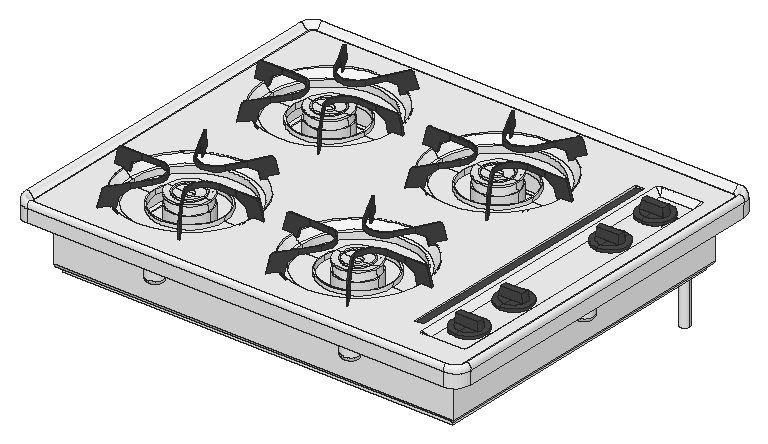
Revit family "QF_Summit_WNL03P_Cooktop", category Specialty Equipment, Revit 2020
Family settings
  Round Connector Dimension = Use Diameter
  Part Type = Normal
  Work Plane-Based = No
  Always vertical = Yes
  Cut with Voids When Loaded = No
  Shared = No
  Room Calculation Point = No
Parameters
  Weight in Pounds = 27
  URL Cutsheet = ""
  Specification by User = ""
  Specification by Manufacturer = ""
  Serial Number = ""
  Seismic Rating = ""
  SMACNA No = ""
  Revision Code = ""
  Plumbing Remarks = ""
  Plumbing Connection Type = ""
  NAFEM Spec ID Number = ""
  Model = "WNL03P"
  Masterspec = ""
  Manufacturer = "Summit"
  Length = 24"
  Item Number = ""
  Installed By = ""
  Identify Quantity as Lot = yes
  Height = 3 3/4"
  Gas Size = 0"
  Gas RI Height = 0"
  Gas KW = 0
  Gas Input = 9000.0 Btu/h
  Gas Connection Height = 0"
  Furnished By = ""
  Foodservice Equipment Identifier = yes
  Description = "Cooktop"
  Depth = 20"
  Default Elevation = 0"
  CSI MasterFormat = ""
Reference planes (in)
  plane 1 "BACK": y = 0
  plane 2: z = 0
  plane 3 "LEFT": x = 0
  plane 4 "RIGHT": x = 24
  plane 5 "FRONT": y = -20
  plane 6 "TOP": z = 3.75
  plane 7 "Center Y": x = 12
  plane 8 "Center X": y = -10
  plane 9: z = 2.75
  plane 10: z = 0.25
  plane 11: z = -2.75
Forms (in)
  Sweep 1, solid, material "QF_Plastic_White_Smooth"
    path origin (0, 0, 3.74988) x (-1, 0, 0) y (0, -1, 0)
      loop
        line (-0.0625, 0.8125) -> (-0.0625, 19.1875)
        arc (-0.0625, 19.1875) -> (-0.28217, 19.71783) -> (-0.8125, 19.9375) r 0.75
        line (-0.8125, 19.9375) -> (-23.1875, 19.9375)
        arc (-23.1875, 19.9375) -> (-23.71783, 19.71783) -> (-23.9375, 19.1875) r 0.75
        line (-23.9375, 19.1875) -> (-23.9375, 0.8125)
        arc (-23.9375, 0.8125) -> (-23.71783, 0.28217) -> (-23.1875, 0.0625) r 0.75
        line (-23.1875, 0.0625) -> (-0.8125, 0.0625)
        arc (-0.8125, 0.0625) -> (-0.28217, 0.28217) -> (-0.0625, 0.8125) r 0.75
    profile origin (0.0625, -10, 3.74988) x (1, 0, 0) y (0, 0, 1)
      loop
        line (0.50007, -0.99988) -> (0.50007, -0.24988)
        spline (0.50007, -0.24988) -> (0.38683, -0.22526) -> (0.30986, -0.16677) -> (0.25459, -0.09746) -> (0.20654, -0.0403) -> (0.15715, -0.00897) -> (0.1083, -0.00102) -> (0.06291, -0.01235) -> (0.02367, -0.03905) -> (-0.00886, -0.07917) -> (-0.03532, -0.13183) -> (-0.05489, -0.20201) -> (-0.06266, -0.31115)
        line (-0.06266, -0.31115) -> (-0.06266, -0.99988) -> (0.50007, -0.99988)
  Extrusion 2, solid, material "QF_Plastic_White_Smooth"
    sketch origin (23.1875, -0.5625, 3.24988) x (0, 1, 0) y (1, 0, 0)
      loop
        circle (-4.74127, -17.90956) r 3.49904
      loop
        line (-18.875, 0) -> (-18.875, -22.375)
        arc (-18.875, -22.375) -> (-18.80178, -22.55178) -> (-18.625, -22.625) r 0.25
        line (-18.625, -22.625) -> (-0.25, -22.625)
        arc (-0.25, -22.625) -> (-0.07322, -22.55178) -> (0, -22.375) r 0.25
        line (0, -22.375) -> (0, 0)
        arc (0, 0) -> (-0.07322, 0.17678) -> (-0.25, 0.25) r 0.25
        line (-0.25, 0.25) -> (-18.625, 0.25)
        arc (-18.625, 0.25) -> (-18.80178, 0.17678) -> (-18.875, 0) r 0.25
      loop
        circle (-4.74127, -8.85096) r 3.49904
      loop
        circle (-14.13373, -17.90956) r 3.49904
      loop
        circle (-14.13373, -8.85096) r 3.49904
    from 0.49988 to -0.25012
  Blend 3, void
    base sketch origin (23.18874, -0.56796, 3.54988) x (0, 1, 0) y (-1, 0, 0)
      loop
        arc (-1.25, 2.75) -> (-1.32322, 2.92678) -> (-1.5, 3) r 0.25
        line (-1.5, 3) -> (-17.375, 3)
        arc (-17.375, 3) -> (-17.55178, 2.92678) -> (-17.625, 2.75) r 0.25
        line (-17.625, 2.75) -> (-17.625, 0.5)
        arc (-17.625, 0.5) -> (-17.55178, 0.32322) -> (-17.375, 0.25) r 0.25
        line (-17.375, 0.25) -> (-1.5, 0.25)
        arc (-1.5, 0.25) -> (-1.32322, 0.32322) -> (-1.25, 0.5) r 0.25
        line (-1.25, 0.5) -> (-1.25, 2.75)
    top sketch origin (23.18874, -0.56796, 3.54988) x (0, 1, 0) y (-1, 0, 0)
      loop
        line (-1.71875, 2.53125) -> (-17.15625, 2.53125) -> (-17.15625, 0.71875) -> (-1.71875, 0.71875) -> (-1.71875, 2.53125)
    from 0.0625 to -0.31152
  Extrusion 4, void
    sketch origin (23.18874, -0.56796, 3.54988) x (0, 1, 0) y (-1, 0, 0)
      loop
        arc (-2, 3.5625) -> (-2.01831, 3.60669) -> (-2.0625, 3.625) r 0.0625
        line (-2.0625, 3.625) -> (-16.8125, 3.625)
        arc (-16.8125, 3.625) -> (-16.85669, 3.60669) -> (-16.875, 3.5625) r 0.0625
        line (-16.875, 3.5625) -> (-16.875, 3.1875)
        arc (-16.875, 3.1875) -> (-16.85669, 3.14331) -> (-16.8125, 3.125) r 0.0625
        line (-16.8125, 3.125) -> (-2.0625, 3.125)
        arc (-2.0625, 3.125) -> (-2.01831, 3.14331) -> (-2, 3.1875) r 0.0625
        line (-2, 3.1875) -> (-2, 3.5625)
    from 0.0625 to -0.125
  Revolve 5, solid, material "QF_Plastic_Black_Smooth"
    sketch origin (21.56528, -3, 0.23835) x (0, 1, 0) y (0, 0, 1)
      loop
        line (-0.75736, 3) -> (-0.50736, 3) -> (-0.50736, 3.07947) -> (0.15671, 3.07947) -> (0.15671, 3.2014)
        arc (0.15671, 3.2014) -> (0.03405, 3.23774) -> (-0.09329, 3.25) r 0.66737
        line (-0.09329, 3.25) -> (-0.75736, 3.25) -> (-0.75736, 3)
      axis (-0.75736, 3.25) -> (-0.75736, 3)
    angle from 0 to 360
  Blend 6, solid, material "QF_Plastic_Black_Smooth"
    base sketch origin (0, -3, 3.98835) x (-1, 0, 0) y (0, -1, 0)
      loop
        arc (-20.9318, 0.55812) -> (-20.90121, 0.75736) -> (-20.9318, 0.95659) r 0.66406
        line (-20.9318, 0.95659) -> (-22.19875, 0.95659)
        arc (-22.19875, 0.95659) -> (-22.22934, 0.75736) -> (-22.19875, 0.55812) r 0.66406
        line (-22.19875, 0.55812) -> (-20.9318, 0.55812)
    top sketch origin (0, -3, 3.98835) x (-1, 0, 0) y (0, -1, 0)
      loop
        arc (-20.98589, 0.57514) -> (-20.95791, 0.75736) -> (-20.98589, 0.93958) r 0.60736
        line (-20.98589, 0.93958) -> (-22.14466, 0.93958)
        arc (-22.14466, 0.93958) -> (-22.17264, 0.75736) -> (-22.14466, 0.57514) r 0.60736
        line (-22.14466, 0.57514) -> (-20.98589, 0.57514)
    from -0.5 to -0.05271
  Revolve 7, solid, material "QF_Plastic_Black_Smooth", not visible
    sketch origin (21.56528, -3, 0) x (0, 1, 0) y (0, 0, 1)
      loop
        line (-0.75736, 3) -> (-0.50736, 3) -> (-0.50736, 3.07947) -> (0.15671, 3.07947) -> (0.15671, 3.2014)
        arc (0.15671, 3.2014) -> (0.03405, 3.23774) -> (-0.09329, 3.25) r 0.66737
        line (-0.09329, 3.25) -> (-0.75736, 3.25) -> (-0.75736, 3)
      axis (-0.75736, 3.25) -> (-0.75736, 3)
    angle from 0 to 360
  Blend 8, solid, material "QF_Plastic_Black_Smooth", not visible
    base sketch origin (0, -3, 3.75) x (-1, 0, 0) y (0, -1, 0)
      loop
        arc (-20.9318, 0.55812) -> (-20.90121, 0.75736) -> (-20.9318, 0.95659) r 0.66406
        line (-20.9318, 0.95659) -> (-22.19875, 0.95659)
        arc (-22.19875, 0.95659) -> (-22.22934, 0.75736) -> (-22.19875, 0.55812) r 0.66406
        line (-22.19875, 0.55812) -> (-20.9318, 0.55812)
    top sketch origin (0, -3, 3.75) x (-1, 0, 0) y (0, -1, 0)
      loop
        arc (-20.98589, 0.57514) -> (-20.95791, 0.75736) -> (-20.98589, 0.93958) r 0.60736
        line (-20.98589, 0.93958) -> (-22.14466, 0.93958)
        arc (-22.14466, 0.93958) -> (-22.17264, 0.75736) -> (-22.14466, 0.57514) r 0.60736
        line (-22.14466, 0.57514) -> (-20.98589, 0.57514)
    from -0.5 to -0.05271
  Revolve 9, solid, material "QF_Plastic_Black_Smooth"
    sketch origin (21.56309, -3.00158, 0.23835) x (0, 1, 0) y (0, 0, 1)
      loop
        line (-3.75736, 3) -> (-3.50736, 3) -> (-3.50736, 3.07947) -> (-2.84329, 3.07947) -> (-2.84329, 3.2014)
        arc (-2.84329, 3.2014) -> (-2.96595, 3.23774) -> (-3.09329, 3.25) r 0.66737
        line (-3.09329, 3.25) -> (-3.75736, 3.25) -> (-3.75736, 3)
      axis (-3.75736, 3.25) -> (-3.75736, 3)
    angle from 0 to 360
  Blend 10, solid, material "QF_Plastic_Black_Smooth"
    base sketch origin (-0.00218, -3.00158, 3.98835) x (-1, 0, 0) y (0, -1, 0)
      loop
        arc (-20.9318, 3.55812) -> (-20.90121, 3.75736) -> (-20.9318, 3.95659) r 0.66406
        line (-20.9318, 3.95659) -> (-22.19875, 3.95659)
        arc (-22.19875, 3.95659) -> (-22.22934, 3.75736) -> (-22.19875, 3.55812) r 0.66406
        line (-22.19875, 3.55812) -> (-20.9318, 3.55812)
    top sketch origin (-0.00218, -3.00158, 3.98835) x (-1, 0, 0) y (0, -1, 0)
      loop
        arc (-20.98589, 3.57514) -> (-20.95791, 3.75736) -> (-20.98589, 3.93958) r 0.60736
        line (-20.98589, 3.93958) -> (-22.14466, 3.93958)
        arc (-22.14466, 3.93958) -> (-22.17264, 3.75736) -> (-22.14466, 3.57514) r 0.60736
        line (-22.14466, 3.57514) -> (-20.98589, 3.57514)
    from -0.5 to -0.05271
  Revolve 11, solid, material "QF_Plastic_Black_Smooth"
    sketch origin (21.56309, -6.00158, 0.23835) x (0, 1, 0) y (0, 0, 1)
      loop
        line (-10.24264, 3) -> (-10.24264, 3.25) -> (-10.90671, 3.25)
        arc (-10.90671, 3.25) -> (-11.03405, 3.23774) -> (-11.15671, 3.2014) r 0.66737
        line (-11.15671, 3.2014) -> (-11.15671, 3.07947) -> (-10.49264, 3.07947) -> (-10.49264, 3) -> (-10.24264, 3)
      axis (-10.24264, 3.25) -> (-10.24264, 3)
    angle from 0 to 360
  Blend 12, solid, material "QF_Plastic_Black_Smooth"
    base sketch origin (-0.00218, -6.00158, 3.98835) x (-1, 0, 0) y (0, -1, 0)
      loop
        line (-20.9318, 10.44188) -> (-22.19875, 10.44188)
        arc (-22.19875, 10.44188) -> (-22.22934, 10.24264) -> (-22.19875, 10.04341) r 0.66406
        line (-22.19875, 10.04341) -> (-20.9318, 10.04341)
        arc (-20.9318, 10.04341) -> (-20.90121, 10.24264) -> (-20.9318, 10.44188) r 0.66406
    top sketch origin (-0.00218, -6.00158, 3.98835) x (-1, 0, 0) y (0, -1, 0)
      loop
        line (-20.98589, 10.42486) -> (-22.14466, 10.42486)
        arc (-22.14466, 10.42486) -> (-22.17264, 10.24264) -> (-22.14466, 10.06042) r 0.60736
        line (-22.14466, 10.06042) -> (-20.98589, 10.06042)
        arc (-20.98589, 10.06042) -> (-20.95791, 10.24264) -> (-20.98589, 10.42486) r 0.60736
    from -0.5 to -0.05271
  Revolve 13, solid, material "QF_Plastic_Black_Smooth"
    sketch origin (21.56309, -3.00158, 0.23835) x (0, 1, 0) y (0, 0, 1)
      loop
        line (-10.24264, 3) -> (-10.24264, 3.25) -> (-10.90671, 3.25)
        arc (-10.90671, 3.25) -> (-11.03405, 3.23774) -> (-11.15671, 3.2014) r 0.66737
        line (-11.15671, 3.2014) -> (-11.15671, 3.07947) -> (-10.49264, 3.07947) -> (-10.49264, 3) -> (-10.24264, 3)
      axis (-10.24264, 3.25) -> (-10.24264, 3)
    angle from 0 to 360
  Blend 14, solid, material "QF_Plastic_Black_Smooth"
    base sketch origin (-0.00218, -3.00158, 3.98835) x (-1, 0, 0) y (0, -1, 0)
      loop
        line (-20.9318, 10.44188) -> (-22.19875, 10.44188)
        arc (-22.19875, 10.44188) -> (-22.22934, 10.24264) -> (-22.19875, 10.04341) r 0.66406
        line (-22.19875, 10.04341) -> (-20.9318, 10.04341)
        arc (-20.9318, 10.04341) -> (-20.90121, 10.24264) -> (-20.9318, 10.44188) r 0.66406
    top sketch origin (-0.00218, -3.00158, 3.98835) x (-1, 0, 0) y (0, -1, 0)
      loop
        line (-20.98589, 10.42486) -> (-22.14466, 10.42486)
        arc (-22.14466, 10.42486) -> (-22.17264, 10.24264) -> (-22.14466, 10.06042) r 0.60736
        line (-22.14466, 10.06042) -> (-20.98589, 10.06042)
        arc (-20.98589, 10.06042) -> (-20.95791, 10.24264) -> (-20.98589, 10.42486) r 0.60736
    from -0.5 to -0.05271
  Revolve 15, solid, material "QF_Plastic_Black_Smooth", not visible
    sketch origin (21.56528, -20.00316, 0) x (0, 1, 0) y (0, 0, 1)
      loop
        line (16.2458, 3) -> (16.4958, 3) -> (16.4958, 3.07947) -> (17.15986, 3.07947) -> (17.15986, 3.2014)
        arc (17.15986, 3.2014) -> (17.0372, 3.23774) -> (16.90986, 3.25) r 0.66737
        line (16.90986, 3.25) -> (16.2458, 3.25) -> (16.2458, 3)
      axis (16.2458, 3.25) -> (16.2458, 3)
    angle from 0 to 360
  Blend 16, solid, material "QF_Plastic_Black_Smooth", not visible
    base sketch origin (0, -20.00316, 3.75) x (-1, 0, 0) y (0, -1, 0)
      loop
        arc (-20.9318, -16.44503) -> (-20.90121, -16.2458) -> (-20.9318, -16.04657) r 0.66406
        line (-20.9318, -16.04657) -> (-22.19875, -16.04657)
        arc (-22.19875, -16.04657) -> (-22.22934, -16.2458) -> (-22.19875, -16.44503) r 0.66406
        line (-22.19875, -16.44503) -> (-20.9318, -16.44503)
    top sketch origin (0, -20.00316, 3.75) x (-1, 0, 0) y (0, -1, 0)
      loop
        arc (-20.98589, -16.42802) -> (-20.95791, -16.2458) -> (-20.98589, -16.06358) r 0.60736
        line (-20.98589, -16.06358) -> (-22.14466, -16.06358)
        arc (-22.14466, -16.06358) -> (-22.17264, -16.2458) -> (-22.14466, -16.42802) r 0.60736
        line (-22.14466, -16.42802) -> (-20.98589, -16.42802)
    from -0.5 to -0.05271
  Extrusion 17, solid, material "QF_Plastic_White_Smooth"
    sketch origin (9.68847, 8.08075, 0) x (-1, 0, 0) y (0, 1, 0)
      loop
        circle (-12, -10) r 0.25
    from -0.25 to 2.75
  Sweep 18, solid, material "QF_Plastic_White_Smooth"
    path origin (0, 0, 0) x (1, 0, 0) y (0, 1, 0)
      loop
        line (22.75, -1.25) -> (1.25, -1.25) -> (1.25, -18.75) -> (22.75, -18.75) -> (22.75, -1.25)
    profile origin (22.75, -10, 0) x (1, 0, 0) y (0, 0, 1)
      loop
        line (-0.25, 0) -> (-0.25, 0.25) -> (-0.13174, 0.25)
        arc (-0.13174, 0.25) -> (-0.03859, 0.28859) -> (0, 0.38174) r 0.13174
        line (0, 0.38174) -> (0, 2.75) -> (-0.125, 2.75) -> (-0.125, 0.375) -> (-0.375, 0.375) -> (-0.375, 0) -> (-0.25, 0)
  Extrusion 19, solid, material "QF_Plastic_White_Smooth"
    sketch origin (22.375, -1.625, 0.375) x (0, -1, 0) y (1, 0, 0)
      loop
        line (0, -20.75) -> (16.75, -20.75) -> (16.75, 0) -> (0, 0) -> (0, -20.75)
    from 0 to -0.125
  Extrusion 20, solid, material "QF_Plastic_White_Smooth"
    sketch origin (22.375, -1.625, 0.25) x (1, 0, 0) y (0, -1, 0)
      loop
        circle (-1.43653, 0.29425) r 0.25
    from 0 to 0.0625
  Revolve 21, solid, material "QF_Plastic_White_Smooth"
    sketch origin (0, -10, 0) x (1, 0, 0) y (0, 0, 1)
      loop
        line (1.25, 2.75) -> (0.75, 2.75) -> (0.75, 1.75)
        arc (0.75, 1.75) -> (0.8255, 1.58445) -> (1, 1.5329) r 0.21926
        line (1, 1.5329) -> (1.25, 1.5329) -> (1.25, 2.75)
      axis (1.25, 1.5329) -> (1.25, 2.75)
    angle from -90 to 90
  Revolve 22, solid, material "QF_Plastic_White_Smooth"
    sketch origin (24, -10, 0) x (-1, 0, 0) y (0, 0, -1)
      loop
        line (1.25, -2.75) -> (1.25, -1.5329) -> (1, -1.5329)
        arc (1, -1.5329) -> (0.8255, -1.58445) -> (0.75, -1.75) r 0.21926
        line (0.75, -1.75) -> (0.75, -2.75) -> (1.25, -2.75)
      axis (1.25, -1.5329) -> (1.25, -2.75)
    angle from -90 to 90
  Revolve 23, solid, material "QF_Plastic_White_Smooth"
    sketch origin (18.44698, -1.25, 0) x (-1, 0, 0) y (0, 0, -1)
      loop
        line (1.25, -2.75) -> (1.25, -1.5329) -> (1, -1.5329)
        arc (1, -1.5329) -> (0.8255, -1.58445) -> (0.75, -1.75) r 0.21926
        line (0.75, -1.75) -> (0.75, -2.75) -> (1.25, -2.75)
      axis (1.25, -1.5329) -> (1.25, -2.75)
    angle from 0 to 180
  Revolve 24, solid, material "QF_Plastic_White_Smooth"
    sketch origin (7.94698, -1.25, 0) x (-1, 0, 0) y (0, 0, -1)
      loop
        line (1.25, -2.75) -> (1.25, -1.5329) -> (1, -1.5329)
        arc (1, -1.5329) -> (0.8255, -1.58445) -> (0.75, -1.75) r 0.21926
        line (0.75, -1.75) -> (0.75, -2.75) -> (1.25, -2.75)
      axis (1.25, -1.5329) -> (1.25, -2.75)
    angle from 0 to 180
  Revolve 25, solid, material "QF_Plastic_White_Smooth"
    sketch origin (18.44698, -18.75, 0) x (-1, 0, 0) y (0, 0, 1)
      loop
        line (1.25, 2.75) -> (0.75, 2.75) -> (0.75, 1.75)
        arc (0.75, 1.75) -> (0.8255, 1.58445) -> (1, 1.5329) r 0.21926
        line (1, 1.5329) -> (1.25, 1.5329) -> (1.25, 2.75)
      axis (1.25, 1.5329) -> (1.25, 2.75)
    angle from 0 to 180
  Revolve 26, solid, material "QF_Plastic_White_Smooth"
    sketch origin (7.94698, -18.75, 0) x (-1, 0, 0) y (0, 0, 1)
      loop
        line (1.25, 2.75) -> (0.75, 2.75) -> (0.75, 1.75)
        arc (0.75, 1.75) -> (0.8255, 1.58445) -> (1, 1.5329) r 0.21926
        line (1, 1.5329) -> (1.25, 1.5329) -> (1.25, 2.75)
      axis (1.25, 1.5329) -> (1.25, 2.75)
    angle from 0 to 180
Cuts and joins
  Blend 3, Extrusion 4 cuts Extrusion 2
Lines and regions (in)
  symbolic lines
    curve 1: arc (21.56528, -2.84329, 3.98835) -> (20.65121, -3.75736, 3.98835) -> (21.56528, -4.67142, 3.98835) r 0.91406
    curve 2: arc (21.56528, -4.67142, 3.98835) -> (22.47934, -3.75736, 3.98835) -> (21.56528, -2.84329, 3.98835) r 0.91406
    curve 3: line (20.9318, -3.55812, 3.98835) -> (22.19875, -3.55812, 3.98835)
    curve 4: line (22.19875, -3.95659, 3.98835) -> (20.9318, -3.95659, 3.98835)
    curve 5: arc (20.9318, -3.55812, 3.98835) -> (20.90121, -3.75736, 3.98835) -> (20.9318, -3.95659, 3.98835) r 0.66406
    curve 6: arc (22.19875, -3.95659, 3.98835) -> (22.22934, -3.75736, 3.98835) -> (22.19875, -3.55812, 3.98835) r 0.66406
    curve 13: arc (21.56309, -5.84487, 3.98835) -> (20.64903, -6.75893, 3.98835) -> (21.56309, -7.673, 3.98835) r 0.91406
    curve 14: arc (21.56309, -7.673, 3.98835) -> (22.47716, -6.75893, 3.98835) -> (21.56309, -5.84487, 3.98835) r 0.91406
    curve 15: line (20.92962, -6.5597, 3.98835) -> (22.19657, -6.5597, 3.98835)
    curve 16: line (22.19657, -6.95817, 3.98835) -> (20.92962, -6.95817, 3.98835)
    curve 17: arc (20.92962, -6.5597, 3.98835) -> (20.89903, -6.75893, 3.98835) -> (20.92962, -6.95817, 3.98835) r 0.66406
    curve 18: arc (22.19657, -6.95817, 3.98835) -> (22.22716, -6.75893, 3.98835) -> (22.19657, -6.5597, 3.98835) r 0.66406
    curve 19: arc (21.56309, -17.15828, 3.98835) -> (20.64903, -16.24422, 3.98835) -> (21.56309, -15.33016, 3.98835) r 0.91406
    curve 20: arc (21.56309, -15.33016, 3.98835) -> (22.47716, -16.24422, 3.98835) -> (21.56309, -17.15828, 3.98835) r 0.91406
    curve 21: line (20.92962, -16.44345, 3.98835) -> (22.19657, -16.44345, 3.98835)
    curve 22: line (22.19657, -16.04499, 3.98835) -> (20.92962, -16.04499, 3.98835)
    curve 23: arc (20.92962, -16.44345, 3.98835) -> (20.89903, -16.24422, 3.98835) -> (20.92962, -16.04499, 3.98835) r 0.66406
    curve 24: arc (22.19657, -16.04499, 3.98835) -> (22.22716, -16.24422, 3.98835) -> (22.19657, -16.44345, 3.98835) r 0.66406
    curve 25: arc (21.56309, -14.15828, 3.98835) -> (20.64903, -13.24422, 3.98835) -> (21.56309, -12.33016, 3.98835) r 0.91406
    curve 26: arc (21.56309, -12.33016, 3.98835) -> (22.47716, -13.24422, 3.98835) -> (21.56309, -14.15828, 3.98835) r 0.91406
    curve 27: line (20.92962, -13.44345, 3.98835) -> (22.19657, -13.44345, 3.98835)
    curve 28: line (22.19657, -13.04499, 3.98835) -> (20.92962, -13.04499, 3.98835)
    curve 29: arc (20.92962, -13.44345, 3.98835) -> (20.89903, -13.24422, 3.98835) -> (20.92962, -13.04499, 3.98835) r 0.66406
    curve 30: arc (22.19657, -13.04499, 3.98835) -> (22.22716, -13.24422, 3.98835) -> (22.19657, -13.44345, 3.98835) r 0.66406
    curve 37: line (0.5625, -0.8125, 0) -> (0.5625, -19.1875, 0)
    curve 38: line (23.1875, -0.5625, 0) -> (0.8125, -0.5625, 0)
    curve 39: arc (0.5625, -0.8125, 0) -> (0.63572, -0.63572, 0) -> (0.8125, -0.5625, 0) r 0.25
    curve 40: arc (23.1875, -0.5625, 0) -> (23.36428, -0.63572, 0) -> (23.4375, -0.8125, 0) r 0.25
    curve 41: line (23.4375, -19.1875, 0) -> (23.4375, -0.8125, 0)
    curve 42: line (22.46999, -2.28671, 0) -> (20.65749, -2.28671, 0)
    curve 43: line (20.65749, -2.28671, 0) -> (20.65749, -17.72421, 0)
    curve 44: line (20.65749, -17.72421, 0) -> (22.46999, -17.72421, 0)
    curve 45: line (22.46999, -17.72421, 0) -> (22.46999, -2.28671, 0)
    curve 46: line (20.50446, -1.9588, 0) -> (22.62302, -1.9588, 0)
    curve 47: arc (22.62302, -1.9588, 0) -> (22.74668, -2.01002, 0) -> (22.7979, -2.13368, 0) r 0.17489
    curve 48: line (22.7979, -2.13368, 0) -> (22.7979, -17.87723, 0)
    curve 49: arc (22.7979, -17.87723, 0) -> (22.74668, -18.0009, 0) -> (22.62302, -18.05212, 0) r 0.17489
    curve 50: line (22.62302, -18.05212, 0) -> (20.50446, -18.05212, 0)
    curve 51: arc (20.50446, -18.05212, 0) -> (20.3808, -18.0009, 0) -> (20.32958, -17.87723, 0) r 0.17489
    curve 52: line (20.32958, -17.87723, 0) -> (20.32958, -2.13368, 0)
    curve 53: arc (20.32958, -2.13368, 0) -> (20.3808, -2.01002, 0) -> (20.50446, -1.9588, 0) r 0.17489
    curve 54: line (19.56374, -17.38046, 0) -> (19.56374, -2.63046, 0)
    curve 55: arc (19.56374, -2.63046, 0) -> (19.58205, -2.58626, 0) -> (19.62624, -2.56796, 0) r 0.0625
    curve 56: line (19.62624, -2.56796, 0) -> (20.00124, -2.56796, 0)
    curve 57: arc (20.00124, -2.56796, 0) -> (20.04543, -2.58626, 0) -> (20.06374, -2.63046, 0) r 0.0625
    curve 58: line (20.06374, -2.63046, 0) -> (20.06374, -17.38046, 0)
    curve 59: arc (20.06374, -17.38046, 0) -> (20.04543, -17.42465, 0) -> (20.00124, -17.44296, 0) r 0.0625
    curve 60: line (20.00124, -17.44296, 0) -> (19.62624, -17.44296, 0)
    curve 61: arc (19.62624, -17.44296, 0) -> (19.58205, -17.42465, 0) -> (19.56374, -17.38046, 0) r 0.0625
    curve 62: line (0.8125, -19.4375, 0) -> (23.1875, -19.4375, 0)
    curve 63: arc (23.4375, -19.1875, 0) -> (23.36428, -19.36428, 0) -> (23.1875, -19.4375, 0) r 0.25
    curve 64: arc (0.8125, -19.4375, 0) -> (0.63572, -19.36428, 0) -> (0.5625, -19.1875, 0) r 0.25
    curve 65: line (-0.00016, -19.1875, 0) -> (-0.00016, -0.8125, 0)
    curve 66: arc (-0.00016, -0.8125, 0) -> (0.23786, -0.23786, 0) -> (0.8125, 0.00016, 0) r 0.81266
    curve 67: line (0.8125, 0.00016, 0) -> (23.1875, 0.00016, 0)
    curve 68: arc (23.1875, 0.00016, 0) -> (23.76214, -0.23786, 0) -> (24.00016, -0.8125, 0) r 0.81266
    curve 69: line (24.00016, -0.8125, 0) -> (24.00016, -19.1875, 0)
    curve 70: arc (24.00016, -19.1875, 0) -> (23.76214, -19.76214, 0) -> (23.1875, -20.00016, 0) r 0.81266
    curve 71: line (23.1875, -20.00016, 0) -> (0.8125, -20.00016, 0)
    curve 72: arc (0.8125, -20.00016, 0) -> (0.23786, -19.76214, 0) -> (-0.00016, -19.1875, 0) r 0.81266
  symbolic lines, not visible
    curve 7: arc (21.56528, -2.84329, 3.75) -> (20.65121, -3.75736, 3.75) -> (21.56528, -4.67142, 3.75) r 0.91406
    curve 8: arc (21.56528, -4.67142, 3.75) -> (22.47934, -3.75736, 3.75) -> (21.56528, -2.84329, 3.75) r 0.91406
    curve 9: line (20.9318, -3.55812, 3.75) -> (22.19875, -3.55812, 3.75)
    curve 10: line (22.19875, -3.95659, 3.75) -> (20.9318, -3.95659, 3.75)
    curve 11: arc (20.9318, -3.55812, 3.75) -> (20.90121, -3.75736, 3.75) -> (20.9318, -3.95659, 3.75) r 0.66406
    curve 12: arc (22.19875, -3.95659, 3.75) -> (22.22934, -3.75736, 3.75) -> (22.19875, -3.55812, 3.75) r 0.66406
    curve 31: arc (21.56528, -2.84329, 3.75) -> (20.65121, -3.75736, 3.75) -> (21.56528, -4.67142, 3.75) r 0.91406
    curve 32: arc (21.56528, -4.67142, 3.75) -> (22.47934, -3.75736, 3.75) -> (21.56528, -2.84329, 3.75) r 0.91406
    curve 33: line (20.9318, -3.55812, 3.75) -> (22.19875, -3.55812, 3.75)
    curve 34: line (22.19875, -3.95659, 3.75) -> (20.9318, -3.95659, 3.75)
    curve 35: arc (20.9318, -3.55812, 3.75) -> (20.90121, -3.75736, 3.75) -> (20.9318, -3.95659, 3.75) r 0.66406
    curve 36: arc (22.19875, -3.95659, 3.75) -> (22.22934, -3.75736, 3.75) -> (22.19875, -3.55812, 3.75) r 0.66406
Dimensions and locks (in)
  equal spacing: plane 3 "LEFT", plane 7 "Center Y", plane 4 "RIGHT"
  "Length": plane 3 "LEFT" to plane 4 "RIGHT"
  equal spacing: plane 5 "FRONT", plane 8 "Center X", plane 1 "BACK"
  "Depth": plane 5 "FRONT" to plane 1 "BACK"
  "Height": plane 6 "TOP" to level
  plane 9 to plane 10 = 2 1/2"
  plane 10 to plane 11 = 3"
  plane 6 "TOP" to plane 9 = 1"
  aligned and locked: level to plane 2
Automatic sketch dimensions
  Blend 6 sketch curve to Blend 6 sketch curve = 0.63347"  (x2)
  Blend 6 sketch curve to Blend 6 sketch curve = 51/256"
  Blend 6 sketch curve to Blend 6 sketch curve = 0"  (x10)
  Blend 6 sketch curve to Blend 6 sketch curve = 0.57938"  (x2)
  Blend 6 sketch curve to Blend 6 sketch curve = 0.18222"
  curve 4 to curve 1 = 0.63347"
  curve 3 to curve 1 = 51/256"
  curve 2 to curve 5 = 183/256"
  curve 3 to curve 4 = 0"
  curve 2 to curve 3 = 0.63347"
  curve 2 to curve 5 = 0"  (x4)
  curve 2 to curve 6 = 0"  (x3)
  curve 5 to curve 6 = 0"  (x3)
  curve 1 to curve 2 = 0"  (x2)
  curve 1 to curve 5 = 0"  (x2)
  curve 1 to curve 6 = 0"  (x2)
  Blend 8 sketch curve to Blend 8 sketch curve = 0.63347"  (x2)
  Blend 8 sketch curve to Blend 8 sketch curve = 51/256"
  Blend 8 sketch curve to Blend 8 sketch curve = 0"  (x10)
  Blend 8 sketch curve to Blend 8 sketch curve = 0.57938"  (x2)
  Blend 8 sketch curve to Blend 8 sketch curve = 0.18222"
  curve 10 to curve 7 = 0.63347"
  curve 9 to curve 7 = 51/256"
  curve 8 to curve 11 = 183/256"
  curve 9 to curve 10 = 0"
  curve 8 to curve 9 = 0.63347"
  curve 8 to curve 11 = 0"  (x4)
  curve 8 to curve 12 = 0"  (x3)
  curve 11 to curve 12 = 0"  (x3)
  curve 7 to curve 8 = 0"  (x2)
  curve 7 to curve 11 = 0"  (x2)
  curve 7 to curve 12 = 0"  (x2)
  Revolve 9 sketch curve to Revolve 9 sketch curve = 1/4"  (x2)
  Revolve 9 sketch curve to Revolve 9 sketch curve = 53/128"
  Revolve 9 sketch curve to Revolve 9 sketch curve = 85/128"
  Revolve 9 sketch curve to Revolve 9 sketch curve = 0"
  Revolve 9 sketch curve to Revolve 9 sketch curve = 0.12193"
  Blend 10 sketch curve to Blend 10 sketch curve = 0.63347"  (x2)
  Blend 10 sketch curve to Blend 10 sketch curve = 51/256"
  Blend 10 sketch curve to Blend 10 sketch curve = 0"  (x10)
  Blend 10 sketch curve to Blend 10 sketch curve = 0.57938"  (x2)
  Blend 10 sketch curve to Blend 10 sketch curve = 0.18222"
  Revolve 9 sketch curve to Revolve 9 sketch curve = 0.41737"
  Revolve 9 sketch curve to Revolve 9 sketch curve = 0.07947"
  Revolve 9 sketch curve to Revolve 9 sketch curve = 0.30818"
  Revolve 11 sketch curve to Revolve 11 sketch curve = 1/4"  (x2)
  Revolve 11 sketch curve to Revolve 11 sketch curve = 53/128"
  Revolve 11 sketch curve to Revolve 11 sketch curve = 85/128"
  Revolve 11 sketch curve to Revolve 11 sketch curve = 0"
  Revolve 11 sketch curve to Revolve 11 sketch curve = 0.12193"
  Blend 12 sketch curve to Blend 12 sketch curve = 0.63347"  (x2)
  Blend 12 sketch curve to Blend 12 sketch curve = 51/256"
  Blend 12 sketch curve to Blend 12 sketch curve = 0"  (x10)
  Blend 12 sketch curve to Blend 12 sketch curve = 0.57938"  (x2)
  Blend 12 sketch curve to Blend 12 sketch curve = 0.18222"
  Revolve 11 sketch curve to Revolve 11 sketch curve = 0.41737"
  Revolve 11 sketch curve to Revolve 11 sketch curve = 0.07947"
  Revolve 11 sketch curve to Revolve 11 sketch curve = 0.30818"
  Revolve 13 sketch curve to Revolve 13 sketch curve = 1/4"  (x2)
  Revolve 13 sketch curve to Revolve 13 sketch curve = 53/128"
  Revolve 13 sketch curve to Revolve 13 sketch curve = 85/128"
  Revolve 13 sketch curve to Revolve 13 sketch curve = 0"
  Revolve 13 sketch curve to Revolve 13 sketch curve = 0.12193"
  Blend 14 sketch curve to Blend 14 sketch curve = 0.63347"  (x2)
  Blend 14 sketch curve to Blend 14 sketch curve = 51/256"
  Blend 14 sketch curve to Blend 14 sketch curve = 0"  (x10)
  Blend 14 sketch curve to Blend 14 sketch curve = 0.57938"  (x2)
  Blend 14 sketch curve to Blend 14 sketch curve = 0.18222"
  Revolve 13 sketch curve to Revolve 13 sketch curve = 0.41737"
  Revolve 13 sketch curve to Revolve 13 sketch curve = 0.07947"
  Revolve 13 sketch curve to Revolve 13 sketch curve = 0.30818"
  curve 16 to curve 13 = 0.63347"
  curve 15 to curve 13 = 51/256"
  curve 14 to curve 17 = 183/256"
  curve 15 to curve 16 = 0"
  curve 14 to curve 15 = 0.63347"
  curve 14 to curve 17 = 0"  (x4)
  curve 14 to curve 18 = 0"  (x3)
  curve 17 to curve 18 = 0"  (x3)
  curve 13 to curve 14 = 0"  (x2)
  curve 13 to curve 17 = 0"  (x2)
  curve 13 to curve 18 = 0"  (x2)
  curve 22 to curve 19 = 0.63347"
  curve 19 to curve 21 = 51/256"
  curve 23 to curve 20 = 183/256"
  curve 21 to curve 22 = 0"
  curve 20 to curve 21 = 0.63347"
  curve 20 to curve 23 = 0"  (x4)
  curve 20 to curve 24 = 0"  (x3)
  curve 23 to curve 24 = 0"  (x3)
  curve 19 to curve 20 = 0"  (x2)
  curve 19 to curve 23 = 0"  (x2)
  curve 19 to curve 24 = 0"  (x2)
  curve 28 to curve 25 = 0.63347"
  curve 25 to curve 27 = 51/256"
  curve 29 to curve 26 = 183/256"
  curve 27 to curve 28 = 0"
  curve 26 to curve 27 = 0.63347"
  curve 26 to curve 29 = 0"  (x4)
  curve 26 to curve 30 = 0"  (x3)
  curve 29 to curve 30 = 0"  (x3)
  curve 25 to curve 26 = 0"  (x2)
  curve 25 to curve 29 = 0"  (x2)
  curve 25 to curve 30 = 0"  (x2)
  Revolve 15 sketch curve to Revolve 15 sketch curve = 1/4"  (x2)
  Revolve 15 sketch curve to Revolve 15 sketch curve = 53/128"
  Revolve 15 sketch curve to Revolve 15 sketch curve = 85/128"
  Revolve 15 sketch curve to Revolve 15 sketch curve = 0"
  Revolve 15 sketch curve to Revolve 15 sketch curve = 0.12193"
  Blend 16 sketch curve to Blend 16 sketch curve = 0.63347"  (x2)
  Blend 16 sketch curve to Blend 16 sketch curve = 51/256"
  Blend 16 sketch curve to Blend 16 sketch curve = 0"  (x10)
  Blend 16 sketch curve to Blend 16 sketch curve = 0.57938"  (x2)
  Blend 16 sketch curve to Blend 16 sketch curve = 0.18222"
  Revolve 15 sketch curve to Revolve 15 sketch curve = 0.41737"
  Revolve 15 sketch curve to Revolve 15 sketch curve = 0.07947"
  Revolve 15 sketch curve to Revolve 15 sketch curve = 0.30818"
  curve 34 to curve 31 = 0.63347"
  curve 33 to curve 31 = 51/256"
  curve 32 to curve 35 = 183/256"
  curve 33 to curve 34 = 0"
  curve 32 to curve 33 = 0.63347"
  curve 32 to curve 35 = 0"  (x4)
  curve 32 to curve 36 = 0"  (x3)
  curve 35 to curve 36 = 0"  (x3)
  curve 31 to curve 32 = 0"  (x2)
  curve 31 to curve 35 = 0"  (x2)
  curve 31 to curve 36 = 0"  (x2)
  Revolve 5 sketch curve to Revolve 5 sketch curve = 1/4"  (x2)
  Revolve 5 sketch curve to Revolve 5 sketch curve = 53/128"
  Revolve 5 sketch curve to Revolve 5 sketch curve = 0.41737"
  Revolve 5 sketch curve to Revolve 5 sketch curve = 0.07947"
  Revolve 5 sketch curve to Revolve 5 sketch curve = 0.12193"
  Revolve 5 sketch curve to Revolve 5 sketch curve = 0"  (x2)
  Revolve 5 sketch curve to Revolve 5 sketch curve = 0.30818"
  Revolve 7 sketch curve to Revolve 7 sketch curve = 1/4"  (x2)
  Revolve 7 sketch curve to Revolve 7 sketch curve = 53/128"
  Revolve 7 sketch curve to Revolve 7 sketch curve = 0.41737"
  Revolve 7 sketch curve to Revolve 7 sketch curve = 0.07947"
  Revolve 7 sketch curve to Revolve 7 sketch curve = 0.12193"
  Revolve 7 sketch curve to Revolve 7 sketch curve = 0"  (x2)
  Revolve 7 sketch curve to Revolve 7 sketch curve = 0.30818"
  plane 4 "RIGHT" to Sweep 1 sketch curve = 1/16"
  Sweep 1 sketch curve to Sweep 1 sketch curve = 3/4"
  Sweep 1 sketch curve to plane 5 "FRONT" = 1/16"
  plane 4 "RIGHT" to Sweep 1 sketch curve = 13/16"
  plane 3 "LEFT" to Sweep 1 sketch curve = 13/16"  (x2)
  plane 3 "LEFT" to Sweep 1 sketch curve = 1/16"
  plane 1 "BACK" to Sweep 1 sketch curve = 13/16"
  profile plane to Sweep 1 sketch curve = 0.06266"
  Sweep 1 sketch curve to profile plane = 0.50007"
  Sweep 1 sketch curve to profile plane = 0.99988"
  Sweep 1 sketch curve to profile plane = 0.31115"
  Sweep 1 sketch curve to profile plane = 0.24988"
  Extrusion 2 sketch curve to plane 5 "FRONT" = 9/16"
  Extrusion 2 sketch curve to Extrusion 2 sketch curve = 1/4"  (x3)
  Extrusion 2 sketch curve to plane 8 "Center X" = 4.69623"  (x2)
  plane 7 "Center Y" to Extrusion 2 sketch curve = 2.33654"  (x2)
  plane 8 "Center X" to Extrusion 2 sketch curve = 4.69623"  (x2)
  plane 1 "BACK" to Extrusion 2 sketch curve = 13/16"  (x2)
  plane 4 "RIGHT" to Extrusion 2 sketch curve = 13/16"
  plane 3 "LEFT" to Extrusion 2 sketch curve = 5.27794"  (x2)
  plane 3 "LEFT" to Extrusion 2 sketch curve = 13/16"
  Blend 3 sketch curve to plane 5 "FRONT" = 1.80704"
  Blend 3 sketch curve to Blend 3 sketch curve = 1/4"  (x3)
  plane 4 "RIGHT" to Blend 3 sketch curve = 1.31126"
  plane 1 "BACK" to Blend 3 sketch curve = 2.06796"  (x2)
  Blend 3 sketch curve to Blend 3 sketch curve = 2 1/4"
  Blend 3 sketch curve to plane 5 "FRONT" = 2.27579"
  plane 1 "BACK" to Blend 3 sketch curve = 2.28671"
  plane 4 "RIGHT" to Blend 3 sketch curve = 1.53001"
  Blend 3 sketch curve to Blend 3 sketch curve = 1 13/16"
  Extrusion 4 sketch curve to plane 5 "FRONT" = 2.55704"
  Extrusion 4 sketch curve to Extrusion 4 sketch curve = 1/16"  (x3)
  plane 1 "BACK" to Extrusion 4 sketch curve = 2.63046"
  Extrusion 4 sketch curve to Extrusion 4 sketch curve = 0"
  plane 4 "RIGHT" to Extrusion 4 sketch curve = 3.93626"
  Extrusion 4 sketch curve to Extrusion 4 sketch curve = 3/8"
  plane 4 "RIGHT" to Extrusion 17 sketch curve = 2.31153"
  plane 1 "BACK" to Extrusion 17 sketch curve = 1.91925"
  plane 3 "LEFT" to Sweep 18 sketch curve = 1 1/4"
  plane 4 "RIGHT" to Sweep 18 sketch curve = 1 1/4"
  Sweep 18 sketch curve to plane 5 "FRONT" = 1 1/4"
  plane 1 "BACK" to Sweep 18 sketch curve = 1 1/4"
  Sweep 18 sketch curve to level = 0"
  profile plane to Sweep 18 sketch curve = 0"
  profile plane to Sweep 18 sketch curve = 1/8"
  Sweep 18 sketch curve to Sweep 18 sketch curve = 0.00674"
  profile plane to Sweep 18 sketch curve = 1/4"
  Sweep 18 sketch curve to Sweep 18 sketch curve = 1/8"  (x2)
  level to Sweep 18 sketch curve = 1/4"
  Sweep 18 sketch curve to Sweep 18 sketch curve = 2.36826"
  Extrusion 19 sketch curve to Sweep 18 = 0"  (x4)
  Extrusion 20 sketch curve to Extrusion 20 sketch curve = 0"  (x2)
  Extrusion 19 to Extrusion 20 sketch curve = 0.29425"
  Extrusion 19 to Extrusion 20 sketch curve = 1.43653"
  Extrusion 20 sketch curve to Extrusion 20 sketch curve = 1/4"
  Revolve 21 sketch curve to plane 9 = 0"  (x2)
  plane 3 "LEFT" to Revolve 21 sketch curve = 3/4"
  Revolve 21 sketch curve to Revolve 21 sketch curve = 0.21926"
  Revolve 21 sketch curve to Revolve 21 sketch curve = 0.03074"
  Revolve 21 sketch curve to Revolve 21 sketch curve = 1/4"
  Revolve 21 sketch curve to plane 9 = 1"
  Revolve 21 sketch curve to Revolve 21 sketch curve = 0"
  plane 9 to Revolve 21 sketch curve = 0.41303"
  Revolve 22 sketch curve to plane 9 = 0"  (x2)
  plane 4 "RIGHT" to Revolve 22 sketch curve = 3/4"
  Revolve 22 sketch curve to Revolve 22 sketch curve = 0.21926"
  Revolve 22 sketch curve to Revolve 22 sketch curve = 0.03074"
  Revolve 22 sketch curve to Revolve 22 sketch curve = 1/4"
  Revolve 22 sketch curve to plane 9 = 1"
  Revolve 22 sketch curve to Revolve 22 sketch curve = 0"
  Revolve 22 sketch curve to Revolve 22 sketch curve = 0.41303"
  Revolve 23 sketch curve to plane 9 = 0"  (x2)
  Revolve 23 sketch curve to plane 9 = 1"
  plane 7 "Center Y" to Revolve 23 sketch curve = 5.69698"
  Revolve 23 sketch curve to Revolve 23 sketch curve = 0.21926"
  Revolve 23 sketch curve to Revolve 23 sketch curve = 0.03074"
  Revolve 23 sketch curve to Revolve 23 sketch curve = 1/4"
  Revolve 23 sketch curve to Revolve 23 sketch curve = 0"
  Revolve 23 sketch curve to Revolve 23 sketch curve = 0.41303"
  Revolve 24 sketch curve to plane 9 = 0"  (x2)
  Revolve 24 sketch curve to plane 9 = 1"
  Revolve 24 sketch curve to plane 7 "Center Y" = 4.80302"
  Revolve 24 sketch curve to Revolve 24 sketch curve = 0.21926"
  Revolve 24 sketch curve to Revolve 24 sketch curve = 0.03074"
  Revolve 24 sketch curve to Revolve 24 sketch curve = 1/4"
  Revolve 24 sketch curve to Revolve 24 sketch curve = 0"
  Revolve 24 sketch curve to Revolve 24 sketch curve = 0.41303"
  Revolve 25 sketch curve to plane 9 = 0"  (x2)
  Revolve 25 sketch curve to plane 9 = 1"
  plane 7 "Center Y" to Revolve 25 sketch curve = 5.69698"
  Revolve 25 sketch curve to Revolve 25 sketch curve = 0.21926"
  Revolve 25 sketch curve to Revolve 25 sketch curve = 0.03074"
  Revolve 25 sketch curve to Revolve 25 sketch curve = 1/4"
  Revolve 25 sketch curve to Revolve 25 sketch curve = 0"
  plane 9 to Revolve 25 sketch curve = 0.41303"
  Revolve 26 sketch curve to plane 9 = 0"  (x2)
  Revolve 26 sketch curve to plane 9 = 1"
  Revolve 26 sketch curve to plane 7 "Center Y" = 4.80302"
  Revolve 26 sketch curve to Revolve 26 sketch curve = 0.21926"
  Revolve 26 sketch curve to Revolve 26 sketch curve = 0.03074"
  Revolve 26 sketch curve to Revolve 26 sketch curve = 1/4"
  Revolve 26 sketch curve to Revolve 26 sketch curve = 0"
  plane 9 to Revolve 26 sketch curve = 0.41303"
  curve 39 to curve 66 = 0"  (x2)
  curve 40 to curve 68 = 0"  (x2)
  curve 63 to curve 70 = 0"  (x2)
  curve 64 to curve 72 = 0"
  curve 65 to plane 3 "LEFT" = 0.00016"
  plane 3 "LEFT" to curve 37 = 9/16"
  curve 37 to curve 38 = 1/4"
  curve 64 to curve 64 = 1/4"
  plane 4 "RIGHT" to curve 54 = 4.43626"
  curve 54 to curve 61 = 1/16"
  curve 54 to curve 56 = 1/16"
  curve 60 to curve 60 = 3/8"
  curve 55 to curve 57 = 3/8"
  curve 59 to curve 58 = 1/16"
  curve 56 to curve 52 = 0.32834"
  curve 51 to curve 51 = 0.17489"
  curve 53 to curve 46 = 0.17489"
  curve 51 to curve 43 = 0.15303"
  plane 4 "RIGHT" to curve 44 = 1.53001"
  curve 42 to curve 47 = 0.15303"  (x2)
  curve 44 to curve 50 = 0.15303"
  curve 47 to curve 48 = 0.17489"
  plane 4 "RIGHT" to curve 40 = 13/16"
  plane 5 "FRONT" to curve 71 = 0.00016"
  plane 4 "RIGHT" to curve 71 = 13/16"
  curve 40 to curve 41 = 1/4"
  curve 50 to plane 5 "FRONT" = 1.94788"
  curve 49 to curve 44 = 0.15303"
  curve 52 to curve 60 = 0.43428"
  plane 1 "BACK" to curve 55 = 2.63046"
  curve 57 to curve 43 = 11/32"
  plane 1 "BACK" to curve 68 = 13/16"
  radius of Extrusion 2 sketch curve = 3.49904"  (x4)
  radius of Extrusion 17 sketch curve = 1/4"
Nested families (in)
  nested 1: "Summit_Burner" at (1.52794, -1.55377, 0.18845), type "Summit_Burner"
  nested 2: "Summit_Burner" at (10.58654, -1.55377, 0.18845), type "Summit_Burner"
  nested 3: "Summit_Burner" at (1.52794, -10.94623, 0.18845), type "Summit_Burner"
  nested 4: "Summit_Burner" at (10.58654, -10.94623, 0.18845), type "Summit_Burner"
Connectors (in)
  piping at (21.68847, -1.91925, -2.75), diameter 0.5
    settings: on Extrusion 17, index 1, connector inside diameter 24", connector length 0", flow factor 0, pipe flow 0 GPM, pressure drop 0.00 psi, fitting loss kfactor 0, connector angle 0.00°, fixture units 0, engagement length 0", angle of deflection 0.00°, flow configuration 1, flow direction 1, fitting loss method 0, system type 7, joint type 0, gender type 0, connector reference index -1, connector utility 0, adjustable connector no, is connector primary yes, connector description "Gas Connection"
Definition of nested family "Summit_Burner"
  Parameters (values of type "Summit_Burner")
    Model = ""
    Manufacturer = "Summit"
    Length = 7 1/2"
    Height = 3 3/4"
    Description = "Cooktop"
    Depth = 7 1/2"
    Default Elevation = 0"
  Reference planes (in)
    plane 1 "BACK": y = 0
    plane 2: z = 0
    plane 3 "LEFT": x = 0
    plane 4 "RIGHT": x = 7.5
    plane 5 "FRONT": y = -7.5
    plane 6 "TOP": z = 3.75
    plane 7 "Center Y": x = 3.75
    plane 8 "Center X": y = -3.75
  Forms (in)
    Revolve 1, solid
      sketch origin (-1.00614, -3.75, 0) x (1, 0, 0) y (0, 0, 1)
        loop
          spline (4.75614, 3.2974) -> (4.72569, 3.2971) -> (4.69575, 3.29619) -> (4.66685, 3.2947) -> (4.63948, 3.29264) -> (4.6141, 3.29006) -> (4.59115, 3.28699) -> (4.57103, 3.28349) -> (4.55407, 3.27963) -> (4.54057, 3.27546) -> (4.53076, 3.27106) -> (4.52481, 3.2665) -> (4.52281, 3.26186)
          line (4.52281, 3.26186) -> (4.52281, 3.21696)
          arc (4.52281, 3.21696) -> (4.26371, 3.23312) -> (4.00936, 3.28508) r 1.86649
          line (4.00936, 3.28508) -> (4.00936, 3.32514)
          arc (4.00936, 3.32514) -> (3.98019, 3.35431) -> (3.95103, 3.32514) r 0.02917
          line (3.95103, 3.32514) -> (3.95103, 3.28508) -> (3.61868, 3.31928) -> (3.61868, 3.24108) -> (3.76857, 3.21465) -> (3.68998, 2.76893) -> (3.61868, 2.76893) -> (3.61868, 1.8356) -> (4.75614, 1.8356) -> (4.75614, 3.2974)
        loop
          line (1.55611, 2.9044) -> (1.25614, 3.26188) -> (1.25614, 2.50443) -> (2.91868, 2.50443) -> (2.91868, 2.76893) -> (2.86035, 2.76893) -> (2.86035, 2.56277) -> (1.75201, 2.56277) -> (1.75201, 2.9044) -> (1.55611, 2.9044)
        axis (4.75614, 1.8356) -> (4.75614, 3.32514)
      angle from 0 to 360
    Extrusion 2, solid
      sketch origin (0, 0, 3.75) x (-1, 0, 0) y (0, -1, 0)
        loop
          line (-2.5179, 1.48578) -> (-2.46271, 1.51512) -> (-2.90948, 2.35538)
          arc (-2.90948, 2.35538) -> (-3.75, 2.86041) -> (-4.59052, 2.35538) r 0.95194
          line (-4.59052, 2.35538) -> (-5.03729, 1.51512) -> (-4.9821, 1.48578) -> (-4.53533, 2.32603)
          arc (-4.53533, 2.32603) -> (-3.75, 2.79791) -> (-2.96467, 2.32603) r 0.88944
          line (-2.96467, 2.32603) -> (-2.5179, 1.48578)
        loop
          line (-1.21219, 3.78125) -> (-2.16384, 3.78125)
          arc (-2.16384, 3.78125) -> (-2.94917, 4.25312) -> (-2.90122, 5.16806) r 0.88944
          line (-2.90122, 5.16806) -> (-2.35458, 5.97849) -> (-2.40639, 6.01344) -> (-2.95303, 5.20301)
          arc (-2.95303, 5.20301) -> (-3.00435, 4.22378) -> (-2.16384, 3.71875) r 0.95194
          line (-2.16384, 3.71875) -> (-1.21219, 3.71875) -> (-1.21219, 3.78125)
        loop
          line (-6.28781, 3.78125) -> (-6.28781, 3.71875) -> (-5.33616, 3.71875)
          arc (-5.33616, 3.71875) -> (-4.49565, 4.22378) -> (-4.54697, 5.20301) r 0.95194
          line (-4.54697, 5.20301) -> (-5.09361, 6.01344) -> (-5.14542, 5.97849) -> (-4.59878, 5.16806)
          arc (-4.59878, 5.16806) -> (-4.55083, 4.25312) -> (-5.33616, 3.78125) r 0.88944
          line (-5.33616, 3.78125) -> (-6.28781, 3.78125)
      from 0.25 to 0.5
    Extrusion 3, solid
      sketch origin (0, -3.71875, 0) x (-1, 0, 0) y (0, 0, 1)
        loop
          line (-0.20802, 3.31155) -> (0.24994, 3.31155) -> (0.05937, 4.07589)
          arc (0.05937, 4.07589) -> (-0.02208, 4.20131) -> (-0.16348, 4.25) r 0.22968
          line (-0.16348, 4.25) -> (-1.21219, 4.25) -> (-1.21219, 4) -> (-0.67738, 3.69123) -> (-0.55416, 3.19699) -> (-0.30416, 3.19699) -> (-0.20802, 3.31155)
      from 0 to -0.0625
    Extrusion 4, solid
      sketch origin (1.67673, -6.98344, 0) x (-0.559193, -0.829038, 0) y (0, 0, 1)
        loop
          line (-0.20802, 3.31155) -> (0.24994, 3.31155) -> (0.05937, 4.07589)
          arc (0.05937, 4.07589) -> (-0.02208, 4.20131) -> (-0.16348, 4.25) r 0.22968
          line (-0.16348, 4.25) -> (-1.21219, 4.25) -> (-1.21219, 4) -> (-0.67738, 3.69123) -> (-0.55416, 3.19699) -> (-0.30416, 3.19699) -> (-0.20802, 3.31155)
      from 0 to -0.0625
    Extrusion 5, solid
      sketch origin (7.5, -3.71875, 0) x (1, 0, 0) y (0, 0, -1)
        loop
          line (-0.20802, -3.31155) -> (-0.30416, -3.19699) -> (-0.55416, -3.19699) -> (-0.67738, -3.69123) -> (-1.21219, -4) -> (-1.21219, -4.25) -> (-0.16348, -4.25)
          arc (-0.16348, -4.25) -> (-0.02208, -4.20131) -> (0.05937, -4.07589) r 0.22968
          line (0.05937, -4.07589) -> (0.24994, -3.31155) -> (-0.20802, -3.31155)
      from 0 to -0.0625
    Extrusion 6, solid
      sketch origin (5.82327, -6.98344, 0) x (0.559193, -0.829038, 0) y (0, 0, -1)
        loop
          line (-0.20802, -3.31155) -> (-0.30416, -3.19699) -> (-0.55416, -3.19699) -> (-0.67738, -3.69123) -> (-1.21219, -4) -> (-1.21219, -4.25) -> (-0.16348, -4.25)
          arc (-0.16348, -4.25) -> (-0.02208, -4.20131) -> (0.05937, -4.07589) r 0.22968
          line (0.05937, -4.07589) -> (0.24994, -3.31155) -> (-0.20802, -3.31155)
      from 0 to -0.0625
    Extrusion 7, solid
      sketch origin (1.94881, -0.41548, 0) x (-0.469472, 0.882948, 0) y (0, 0, 1)
        loop
          line (-0.20802, 3.31155) -> (0.24994, 3.31155) -> (0.05937, 4.07589)
          arc (0.05937, 4.07589) -> (-0.02208, 4.20131) -> (-0.16348, 4.25) r 0.22968
          line (-0.16348, 4.25) -> (-1.21219, 4.25) -> (-1.21219, 4) -> (-0.67738, 3.69123) -> (-0.55416, 3.19699) -> (-0.30416, 3.19699) -> (-0.20802, 3.31155)
      from 0 to -0.0625
    Extrusion 8, solid
      sketch origin (5.55119, -0.41548, 0) x (0.469472, 0.882948, 0) y (0, 0, -1)
        loop
          line (-0.20802, -3.31155) -> (-0.30416, -3.19699) -> (-0.55416, -3.19699) -> (-0.67738, -3.69123) -> (-1.21219, -4) -> (-1.21219, -4.25) -> (-0.16348, -4.25)
          arc (-0.16348, -4.25) -> (-0.02208, -4.20131) -> (0.05937, -4.07589) r 0.22968
          line (0.05937, -4.07589) -> (0.24994, -3.31155) -> (-0.20802, -3.31155)
      from 0 to -0.0625
  Lines and regions (in)
    symbolic lines
      curve 1: line (0, -7.5, 27) -> (0, -7.5, 26)
      curve 2: circle (3.75, -3.75, 3.75) r 0.80512 normal (0, 0, 1)
      curve 3: circle (3.75, -3.75, 3.75) r 0.74678 normal (0, 0, 1)
      curve 4: circle (3.75, -3.75, 3.75) r 0.23333 normal (0, 0, 1)
      curve 5: line (-0.24994, -3.78125, 3.75) -> (2.16384, -3.78125, 3.75)
      curve 6: line (2.1681, -3.71876, 3.75) -> (-0.24994, -3.71876, 3.75)
      curve 7: line (-0.24994, -3.71876, 3.75) -> (-0.24994, -3.78125, 3.75)
      curve 8: arc (1.92099, -6.73308, 3.75) -> (3.74054, -7.24735, 3.75) -> (5.56205, -6.74006, 3.75) r 3.49978
      curve 9: arc (2.08902, -6.48396, 3.75) -> (3.74048, -6.94686, 3.75) -> (5.39374, -6.49045, 3.75) r 3.19975
      curve 10: arc (2.80998, -5.39281, 3.75) -> (3.73378, -5.63885, 3.75) -> (4.66013, -5.40255, 3.75) r 1.89484
      curve 11: arc (3.11548, -4.69456, 3.75) -> (3.75006, -4.88773, 3.75) -> (4.38451, -4.69416, 3.75) r 1.13775
      curve 12: arc (3.11358, -4.60599, 3.75) -> (3.75009, -4.81648, 3.75) -> (4.38646, -4.60552, 3.75) r 1.06645
      curve 13: arc (2.70583, -3.96546, 3.75) -> (2.82791, -4.28523, 3.75) -> (3.04503, -4.54983, 3.75) r 1.06617
      curve 14: arc (2.62075, -3.90758, 3.75) -> (2.76396, -4.32186, 3.75) -> (3.05307, -4.65132, 3.75) r 1.13848
      curve 15: arc (1.85101, -3.78125, 3.75) -> (2.10293, -4.69369, 3.75) -> (2.76463, -5.37056, 3.75) r 1.89561
      curve 16: arc (0.55022, -3.78125, 3.75) -> (0.95335, -5.30531, 3.75) -> (2.03523, -6.45195, 3.75) r 3.20005
      curve 17: arc (0.25121, -3.78125, 3.75) -> (0.69074, -5.44885, 3.75) -> (1.87327, -6.70414, 3.75) r 3.50004
      curve 18: arc (3.336, -2.76567, 3.75) -> (2.82709, -3.2137, 3.75) -> (2.69076, -3.87789, 3.75) r 1.06729
      curve 19: arc (3.25742, -2.72306, 3.75) -> (2.7652, -3.17872, 3.75) -> (2.61493, -3.83242, 3.75) r 1.13855
      curve 20: arc (4.07713, -2.73557, 3.75) -> (3.74996, -2.6841, 3.75) -> (3.42279, -2.73553, 3.75) r 1.06604
      curve 21: arc (4.16928, -2.69288, 3.75) -> (3.74997, -2.61275, 3.75) -> (3.33065, -2.69285, 3.75) r 1.13737
      curve 22: arc (2.76976, -2.09259, 3.75) -> (2.09515, -2.78438, 3.75) -> (1.84898, -3.71876, 3.75) r 1.89636
      curve 23: arc (4.66187, -2.08805, 3.75) -> (3.74999, -1.8543, 3.75) -> (2.83809, -2.08798, 3.75) r 1.8958
      curve 24: arc (2.17107, -0.96662, 3.75) -> (0.99268, -2.126, 3.75) -> (0.55012, -3.71876, 3.75) r 3.20003
      curve 25: arc (5.27431, -0.93622, 3.75) -> (3.75001, -0.54989, 3.75) -> (2.22573, -0.93629, 3.75) r 3.20003
      curve 26: arc (5.41517, -0.67131, 3.75) -> (3.75001, -0.24988, 3.75) -> (2.08489, -0.67141, 3.75) r 3.5
      curve 27: arc (2.0302, -0.70168, 3.75) -> (0.73555, -1.9715, 3.75) -> (0.25014, -3.71876, 3.75) r 3.5
      curve 28: arc (7.25002, -3.75005, 3.75) -> (6.77237, -1.985, 3.75) -> (5.46979, -0.70171, 3.75) r 3.5
      curve 29: arc (6.95006, -3.75005, 3.75) -> (6.51523, -2.13951, 3.75) -> (5.32891, -0.96665, 3.75) r 3.20003
      curve 30: arc (5.64584, -3.75005, 3.75) -> (5.39712, -2.81134, 3.75) -> (4.71623, -2.11894, 3.75) r 1.8958
      curve 31: arc (4.88188, -3.86551, 3.75) -> (4.74248, -3.19327, 3.75) -> (4.24178, -2.72354, 3.75) r 1.13799
      curve 32: arc (4.80375, -3.91294, 3.75) -> (4.68061, -3.22921, 3.75) -> (4.16245, -2.76642, 3.75) r 1.0664
      curve 33: arc (4.45497, -4.54981, 3.75) -> (4.66215, -4.30196, 3.75) -> (4.78559, -4.00343, 3.75) r 1.06616
      curve 34: arc (4.44699, -4.64889, 3.75) -> (4.72483, -4.33609, 3.75) -> (4.87078, -3.944, 3.75) r 1.13746
      curve 35: arc (4.71999, -5.37886, 3.75) -> (5.38253, -4.71385, 3.75) -> (5.64481, -3.81251, 3.75) r 1.8958
      curve 36: arc (5.44986, -6.46121, 3.75) -> (6.5347, -5.32656, 3.75) -> (6.94939, -3.81251, 3.75) r 3.20003
      curve 37: arc (5.61765, -6.71004, 3.75) -> (6.79962, -5.46744, 3.75) -> (7.24939, -3.81251, 3.75) r 3.5
      curve 38: arc (2.16384, -3.78125, 3.75) -> (2.94917, -4.25312, 3.75) -> (2.90122, -5.16806, 3.75) r 0.88944
      curve 39: arc (2.95303, -5.20301, 3.75) -> (3.00435, -4.22378, 3.75) -> (2.16384, -3.71875, 3.75) r 0.95194
      curve 40: line (2.90122, -5.16806, 3.75) -> (1.53696, -7.19065, 3.75)
      curve 41: line (1.58878, -7.2256, 3.75) -> (2.95303, -5.20301, 3.75)
      curve 42: line (1.53696, -7.19065, 3.75) -> (1.58878, -7.2256, 3.75)
      curve 43: arc (5.33616, -3.71875, 3.75) -> (4.49565, -4.22378, 3.75) -> (4.54697, -5.20301, 3.75) r 0.95194
      curve 44: arc (4.59878, -5.16806, 3.75) -> (4.55083, -4.25312, 3.75) -> (5.33616, -3.78125, 3.75) r 0.88944
      curve 45: line (5.96304, -7.19065, 3.75) -> (4.59878, -5.16806, 3.75)
      curve 46: line (4.54697, -5.20301, 3.75) -> (5.91122, -7.2256, 3.75)
      curve 47: line (7.74994, -3.71875, 3.75) -> (5.33616, -3.71875, 3.75)
      curve 48: line (5.33616, -3.78125, 3.75) -> (7.74994, -3.78125, 3.75)
      curve 49: line (7.74994, -3.78125, 3.75) -> (7.74994, -3.71875, 3.75)
      curve 50: line (5.91122, -7.2256, 3.75) -> (5.96304, -7.19065, 3.75)
      curve 51: arc (2.90948, -2.35538, 3.75) -> (3.75, -2.86041, 3.75) -> (4.59052, -2.35538, 3.75) r 0.95194
      curve 52: arc (4.53533, -2.32603, 3.75) -> (3.75, -2.79791, 3.75) -> (2.96467, -2.32603, 3.75) r 0.88944
      curve 53: line (1.77629, -0.22414, 3.75) -> (2.90948, -2.35538, 3.75)
      curve 54: line (2.96467, -2.32603, 3.75) -> (1.83147, -0.1948, 3.75)
      curve 55: line (5.66853, -0.1948, 3.75) -> (4.53533, -2.32603, 3.75)
      curve 56: line (4.59052, -2.35538, 3.75) -> (5.72371, -0.22414, 3.75)
      curve 57: line (5.72371, -0.22414, 3.75) -> (5.66853, -0.1948, 3.75)
      curve 58: line (1.83147, -0.1948, 3.75) -> (1.77629, -0.22414, 3.75)
  Dimensions and locks (in)
    equal spacing: plane 3 "LEFT", plane 7 "Center Y", plane 4 "RIGHT"
    "Length": plane 3 "LEFT" to plane 4 "RIGHT"
    equal spacing: plane 5 "FRONT", plane 8 "Center X", plane 1 "BACK"
    "Depth": plane 5 "FRONT" to plane 1 "BACK"
    "Height": plane 6 "TOP" to level
    aligned and locked: level to plane 2
  Automatic sketch dimensions
    curve 1 to plane 5 "FRONT" = 0"
    plane 6 "TOP" to curve 1 = 22 1/4"
    curve 1 to curve 1 = 1"
    curve 2 to curve 3 = 0"  (x2)
    curve 2 to curve 4 = 0"
    curve 3 to curve 4 = 0"
    curve 3 to curve 24 = 0"
    curve 4 to curve 13 = 0"
    curve 13 to curve 24 = 0"  (x2)
    curve 13 to curve 27 = 0"  (x2)
    curve 3 to plane 7 "Center Y" = 0"
    curve 4 to plane 8 "Center X" = 0"
    plane 7 "Center Y" to curve 28 = 0"
    curve 29 to curve 28 = 0"
    plane 8 "Center X" to curve 35 = 0"
    plane 7 "Center Y" to curve 35 = 0.00004"
    curve 30 to curve 29 = 0"
    curve 25 to curve 35 = 0.00004"
    curve 26 to curve 25 = 0.00004"  (x2)
    plane 7 "Center Y" to curve 16 = 0.00012"
    plane 7 "Center Y" to curve 18 = 0.00028"
    curve 19 to curve 18 = 0.00017"
    curve 17 to plane 8 "Center X" = 0.0005"
    curve 17 to curve 16 = 0.001"
    curve 33 to plane 8 "Center X" = 0"
    curve 33 to plane 7 "Center Y" = 0"
    curve 33 to curve 34 = 0"  (x2)
    curve 34 to curve 36 = 0"
    curve 36 to curve 37 = 0.00002"
    curve 23 to plane 7 "Center Y" = 0.00008"
    curve 23 to curve 21 = 0"
    curve 21 to curve 20 = 0"
    curve 32 to plane 7 "Center Y" = 0.00009"
    curve 32 to curve 31 = 0.00011"
    curve 12 to plane 8 "Center X" = 0.00003"
    curve 23 to curve 12 = 0.00022"
    plane 8 "Center X" to curve 11 = 0"
    curve 12 to curve 11 = 0"
    plane 8 "Center X" to curve 14 = 0.00028"
    curve 11 to curve 14 = 0.00146"
    curve 14 to curve 8 = 0.00099"
    curve 8 to curve 9 = 0.00049"
    plane 8 "Center X" to curve 15 = 0.00104"
    curve 8 to curve 15 = 0.0009"
    curve 22 to plane 7 "Center Y" = 0.00467"
    curve 9 to curve 10 = 0.003"
    plane 8 "Center X" to curve 6 = 1/32"
    curve 5 to plane 8 "Center X" = 1/32"
    curve 6 to curve 5 = 0.00426"
    curve 7 to plane 3 "LEFT" = 0.24994"
    curve 10 to curve 15 = 0.00493"
    curve 9 to curve 15 = 0.00185"
    curve 9 to curve 8 = 0.00046"
    plane 8 "Center X" to curve 18 = 0.00072"
    curve 18 to curve 19 = 0.00005"
    curve 31 to curve 11 = 0.00029"
    curve 31 to curve 32 = 0.0001"
    plane 8 "Center X" to curve 26 = 0.00012"
    curve 36 to plane 8 "Center X" = 0"
    curve 37 to plane 8 "Center X" = 0"
    curve 28 to plane 8 "Center X" = 0.00005"
    curve 28 to curve 30 = 0"
